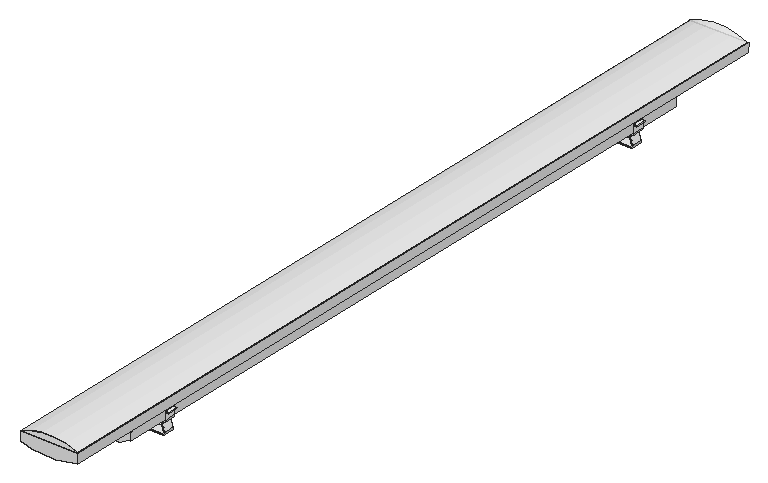
Revit family "Lighting-Industrial-GEWISS-SMART[3]PLUS-HLO-WATERTIGHT-LED_OPAL_1600mm", category Apparecchi per illuminazione, host Superficie, Revit 2019
Family settings
  Host = Superficie
  Quota connettore circolare = Usa diametro
  Tipo di parte = Normale
  Numero OmniClass = 23.80.70.11
  Titolo OmniClass = Luminaries for Internal Lighting
  Taglio con vuoti quando caricato = No
  Sorgente d'illuminazione = Sì
  Condiviso = No
  Punto di calcolo locali = No
Parameters (values of type "GWS3323BP957 - SMART3 PLUS 1600 T.W.DALI HO OPAL 9 57")
  Working temperature = "-25 +45 °C"
  Weight (kg): = ""
  Wattage = 27 W
  Warranty = "5 years"
  Voltage = "220-240 V "
  Version file RFA = "20.0"
  Variazione temperatura colore lampada con luminosità attenuata = (empty or 0)
  URL = "https://www.gewiss.com/ww/en"
  Typology = "DALI"
  Type of light source = "LED - Not replaceable"
  built-in parameter 1150107 = 5700 (stored number, unit not read)
  Technical sheet = "https://www.gewiss.com/ww/en/search?q=GWS3323BP957"
  System power = "63 W"
  Struttura = GEWISS - SMART 3 - GRIGIO
  Stampa 1_200 = no
  Stampa 1_100 = not(Stampa 1_200)  # yes
  Spostamento_Y_etichetta [instance] = 0 mm
  Spostamento_Y_effettivo_etichetta [instance] = 1500 mm - Spostamento_Y_etichetta  # 1500 mm
  Spostamento_X_etichetta [instance] = 0 mm
  Spostamento_X_effettivo_etichetta [instance] = 1500 mm - Spostamento_X_etichetta  # 1500 mm
  Shock resistance = "IK08"
  Shield type = "Opal"
  Schermo. = Gewiss - Led Acceso
  SEO = "Ceiling"
  Realized by GEWISS S.p.A. = ""
  Default Elevation = 1219.2 mm
  Produttore = "GEWISS S.p.A."
  built-in parameter 1150110 = 1 (stored number, unit not read)
  built-in parameter 1150109 = 1 (stored number, unit not read)
  built-in parameter 1114218 = 1 (stored number, unit not read)
  built-in parameter 1150112 = 1 (stored number, unit not read)
  Operating temperature: = "-25 +45 °C"
  Nominal flux (lm) = ""
  No. LED (#) = ""
  Modello = "GWS3323BP957"
  built-in parameter 1150137 = (empty or 0)
  built-in parameter 1150132 = (empty or 0)
  Lunghezza Lampada = 1600 mm  # constant formula
  Lumen output (lm) = "6600"
  Length = "1600 mm"
  Lampada = "LED"
  Lamp = "LED"
  LED LifeTime (L80B20) = ""
  LED Life time (L80B50) = ""
  LED Life time (L70) = ""
  LED Life Time (L90B50) = ""
  built-in parameter 1150105 = 1406.7 (stored number, unit not read)
  built-in parameter 1150102 = (empty or 0)
  Insulation class = "II"
  Immagine tipo = GWS3158P.jpg
  built-in parameter 1150106 = 14.067 (stored number, unit not read)
  IP degree = "IP66/IP69"
  IFC.TypeObject = ""
  IFC.ExportType = ""
  IFC.ExportAs = ""
  IDT = "8a2f87bf-570c-4127-a720-814a1062d841"
  IDF = "40102a22-dbc0-4ce0-8b39-c5fc3671ccf2"
  Glow Wire Test = "850°C"
  Ganci = GEWISS  - ALLUMINIO
  Lumens = 4010.63 lm
  Color Filter = 16777215
  File diagramma fotometrico = "GWS3323BP957.IES"
  built-in parameter 1114217 = 1 (stored number, unit not read)
  built-in parameter 1150139 = (empty or 0)
  Failure rate apparecchio (50.000h, Tq=25Â° C) = ""
  Failure rate apparecchio (35.000h, Tq=35Â° C) = ""
  Emetti da lunghezza linea = 700 mm
  Electrocod = "2434"
  Efficiency class of integrated LEDs = "A ÷ A++"
  built-in parameter 1150104 = 13.8 (stored number, unit not read)
  EAN code = ""
  Driver type = ""
  built-in parameter 1150115 = 1 (stored number, unit not read)
  built-in parameter 1150114 = 1 (stored number, unit not read)
  built-in parameter 1150113 = 1 (stored number, unit not read)
  Device with reduced surface temperature = ""
  Descrizione = "SMART3 PLUS 1600 T.W.DALI HO OPAL 9 57"
  Commenti sul wattaggio = "55W"
  Colour temperature: = "5700 K (CRI > 90)"
  Colour temperature = "5700 K (CRI > 90)"
  built-in parameter 1150134 = (empty or 0)
  built-in parameter 1150138 = (empty or 0)
  Catalogue Range = "SMART[3] PLUS HLO"
  Catalogue = "LIGHTING"
  Carico apparente = 55 VA
  COBie.Tagnumber = ""
  COBie.CreatedOn = ""
  COBie.CreatebBy = ""
  COBie.ComponentRegisterItemID = ""
  COBie.Component.TagNumber = ""
  COBie.Component.Space = ""
  COBie.Component.SerialNumber = ""
  COBie.Component.InstallationDate = ""
  COBie.Component.Description = ""
  COBie.Component.BarCode = ""
  Application = "Indoor"
  Tilt Angle = -90.00°
  built-in parameter 1150133 = 10 (stored number, unit not read)
Types (25, lengths in mm): name | Working temperature | Typology | Technical sheet | System power | Operating temperature: | Modello | Lumen output (lm) | IDT | File diagramma fotometrico | Emetti da lunghezza linea | Descrizione | Commenti sul wattaggio | Colour temperature: | Colour temperature | Carico apparente
  (no name) | "-25 +45 °C" | "DALI" | "https://www.gewiss.com/ww/en/search?q=GWS3323BP957" | "63 W" | "-25 +45 °C" | "GWS3323BP957" | "6600" | "8a2f87bf-570c-4127-a720-814a1062d841" | "GWS3323BP957.IES" | 700 | "SMART3 PLUS 1600 T.W.DALI HO OPAL 9 57" | "55W" | "5700 K (CRI > 90)" | "5700 K (CRI > 90)" | 55 VA
  GWS3320BP830 - SMART3 PLUS 1600 ON/OFF HO OPAL 8 30 | "-25 +50 °C" | "" | "https://www.gewiss.com/ww/en/search?q=GWS3320BP830" | "61 W" | "-25 +50 °C" | "GWS3320BP830" | "7900" | "87c30cde-edad-453a-8c06-f978743efbaa" | "GWS3320BP830.IES" | 1200 | "SMART3 PLUS 1600 ON/OFF HO OPAL 8 30" | "26W" | "3000 K (CRI > 80)" | "3000 K (CRI > 80)" | 26 VA
  GWS3320BP840 - SMART3 PLUS 1600 ON/OFF HO OPAL 8 40 | "-25 +50 °C" | "" | "https://www.gewiss.com/ww/en/search?q=GWS3320BP840" | "61 W" | "-25 +50 °C" | "GWS3320BP840" | "8300" | "d83206ba-3e96-4f99-95ec-140d6f7fbd21" | "GWS3320BP840.IES" | 1200 | "SMART3 PLUS 1600 ON/OFF HO OPAL 8 40" | "26W" | "4000 K (CRI > 80)" | "4000 K (CRI > 80)" | 26 VA
  GWS3320BP857 - SMART3 PLUS 1600 ON/OFF HO OPAL 8 57 | "-25 +50 °C" | "" | "https://www.gewiss.com/ww/en/search?q=GWS3320BP857" | "61 W" | "-25 +50 °C" | "GWS3320BP857" | "8300" | "95fd505b-5e1f-44dc-b99b-838e02d96f20" | "GWS3320BP857.IES" | 1200 | "SMART3 PLUS 1600 ON/OFF HO OPAL 8 57" | "26W" | "5700 K (CRI > 80)" | "5700 K (CRI > 80)" | 26 VA
  GWS3322BP830 - SMART3 PLUS 1600 T.W.ON/OFF HO OPAL 8 30 | "-25 +50 °C" | "" | "https://www.gewiss.com/ww/en/search?q=GWS3322BP830" | "61 W" | "-25 +50 °C" | "GWS3322BP830" | "7900" | "a9284d8b-341d-46fd-8861-b0e6e9694efb" | "GWS3322BP830.IES" | 1200 | "SMART3 PLUS 1600 T.W.ON/OFF HO OPAL 8 30" | "53W" | "3000 K (CRI > 80)" | "3000 K (CRI > 80)" | 53 VA
  GWS3322BP840 - SMART3 PLUS 1600 T.W.ON/OFF HO OPAL 8 40 | "-25 +50 °C" | "" | "https://www.gewiss.com/ww/en/search?q=GWS3322BP840" | "61 W" | "-25 +50 °C" | "GWS3322BP840" | "8300" | "b2f10b16-458c-41bb-84a2-c2e1839eb847" | "GWS3322BP840.IES" | 700 | "SMART3 PLUS 1600 T.W.ON/OFF HO OPAL 8 40" | "53W" | "4000 K (CRI > 80)" | "4000 K (CRI > 80)" | 53 VA
  GWS3322BP857 - SMART3 PLUS 1600 T.W.ON/OFF HO OPAL 8 57 | "-25 +50 °C" | "" | "https://www.gewiss.com/ww/en/search?q=GWS3322BP857" | "61 W" | "-25 +50 °C" | "GWS3322BP857" | "8300" | "82784fbf-9c2a-4fe5-bbf6-6f8c60a6c1b4" | "GWS3322BP857.IES" | 700 | "SMART3 PLUS 1600 T.W.ON/OFF HO OPAL 8 57" | "53W" | "5700 K (CRI > 80)" | "5700 K (CRI > 80)" | 53 VA
  GWS3320BP930 - SMART3 PLUS 1600 ON/OFF HO OPAL 9 30 | "-25 +50 °C" | "" | "https://www.gewiss.com/ww/en/search?q=GWS3320BP930" | "61 W" | "-25 +50 °C" | "GWS3320BP930" | "6100" | "abe36ae0-fb21-4bbf-9179-678530f4ee9f" | "GWS3320BP930.IES" | 1200 | "SMART3 PLUS 1600 ON/OFF HO OPAL 9 30" | "27W" | "3000 K (CRI > 90)" | "3000 K (CRI > 90)" | 27 VA
  GWS3320BP940 - SMART3 PLUS 1600 ON/OFF HO OPAL 9 40 | "-25 +50 °C" | "" | "https://www.gewiss.com/ww/en/search?q=GWS3320BP940" | "61 W" | "-25 +50 °C" | "GWS3320BP940" | "6600" | "c1ac5adb-d878-41eb-8d2c-c01aaf2c85ed" | "GWS3320BP940.IES" | 1200 | "SMART3 PLUS 1600 ON/OFF HO OPAL 9 40" | "27W" | "4000 K (CRI > 90)" | "4000 K (CRI > 90)" | 27 VA
  GWS3320BP957 - SMART3 PLUS 1600 ON/OFF HO OPAL 9 57 | "-25 +50 °C" | "" | "https://www.gewiss.com/ww/en/search?q=GWS3320BP957" | "61 W" | "-25 +50 °C" | "GWS3320BP957" | "6600" | "7730f919-17f5-41bd-9f2b-6956c50abdcf" | "GWS3320BP957.IES" | 1200 | "SMART3 PLUS 1600 ON/OFF HO OPAL 9 57" | "27W" | "5700 K (CRI > 90)" | "5700 K (CRI > 90)" | 27 VA
  GWS3322BP930 - SMART3 PLUS 1600 T.W.ON/OFF HO OPAL 9 30 | "-25 +50 °C" | "" | "https://www.gewiss.com/ww/en/search?q=GWS3322BP930" | "61 W" | "-25 +50 °C" | "GWS3322BP930" | "6100" | "e1fee4f5-68c4-4c65-8a7e-80283154476d" | "GWS3322BP930.IES" | 700 | "SMART3 PLUS 1600 T.W.ON/OFF HO OPAL 9 30" | "55W" | "3000 K (CRI > 90)" | "3000 K (CRI > 90)" | 55 VA
  GWS3322BP940 - SMART3 PLUS 1600 T.W.ON/OFF HO OPAL 9 40 | "-25 +50 °C" | "" | "https://www.gewiss.com/ww/en/search?q=GWS3322BP940" | "61 W" | "-25 +50 °C" | "GWS3322BP940" | "6600" | "b5161a7b-cd0b-4ad1-981a-d991c264674a" | "GWS3322BP940.IES" | 700 | "SMART3 PLUS 1600 T.W.ON/OFF HO OPAL 9 40" | "55W" | "4000 K (CRI > 90)" | "4000 K (CRI > 90)" | 55 VA
  GWS3322BP957 - SMART3 PLUS 1600 T.W.ON/OFF HO OPAL 9 57 | "-25 +50 °C" | "" | "https://www.gewiss.com/ww/en/search?q=GWS3322BP957" | "61 W" | "-25 +50 °C" | "GWS3322BP957" | "6600" | "18458a08-39a0-4488-98b8-f88d3d8e5e3a" | "GWS3322BP957.IES" | 700 | "SMART3 PLUS 1600 T.W.ON/OFF HO OPAL 9 57" | "55W" | "5700 K (CRI > 90)" | "5700 K (CRI > 90)" | 55 VA
  GWS3321BP830 - SMART3 PLUS 1600 DALI HO OPAL 8 30 | "-25 +45 °C" | "DALI" | "https://www.gewiss.com/ww/en/search?q=GWS3321BP830" | "63 W" | "-25 +45 °C" | "GWS3321BP830" | "7900" | "4762404a-ceee-44cb-9336-bdc1032d9273" | "GWS3321BP830.IES" | 1200 | "SMART3 PLUS 1600 DALI HO OPAL 8 30" | "26W" | "3000 K (CRI > 80)" | "3000 K (CRI > 80)" | 26 VA
  GWS3321BP840 - SMART3 PLUS 1600 DALI HO OPAL 8 40 | "-25 +45 °C" | "DALI" | "https://www.gewiss.com/ww/en/search?q=GWS3321BP840" | "63 W" | "-25 +45 °C" | "GWS3321BP840" | "8300" | "1e73b6a6-fbad-4ac0-8d4d-63eed1988ec6" | "GWS3321BP840.IES" | 1200 | "SMART3 PLUS 1600 DALI HO OPAL 8 40" | "26W" | "4000 K (CRI > 80)" | "4000 K (CRI > 80)" | 26 VA
  GWS3321BP857 - SMART3 PLUS 1600 DALI HO OPAL 8 57 | "-25 +45 °C" | "DALI" | "https://www.gewiss.com/ww/en/search?q=GWS3321BP857" | "63 W" | "-25 +45 °C" | "GWS3321BP857" | "8300" | "5e51d208-ac60-4c09-9fa4-41db0a39a122" | "GWS3321BP857.IES" | 1200 | "SMART3 PLUS 1600 DALI HO OPAL 8 57" | "26W" | "5700 K (CRI > 80)" | "5700 K (CRI > 80)" | 26 VA
  GWS3321BP930 - SMART3 PLUS 1600 DALI HO OPAL 9 30 | "-25 +45 °C" | "DALI" | "https://www.gewiss.com/ww/en/search?q=GWS3321BP930" | "63 W" | "-25 +45 °C" | "GWS3321BP930" | "6100" | "84f3807c-6235-4bf4-a8ee-ba938a9bb996" | "GWS3321BP930.IES" | 1200 | "SMART3 PLUS 1600 DALI HO OPAL 9 30" | "27W" | "3000 K (CRI > 90)" | "3000 K (CRI > 90)" | 27 VA
  GWS3321BP940 - SMART3 PLUS 1600 DALI HO OPAL 9 40 | "-25 +45 °C" | "DALI" | "https://www.gewiss.com/ww/en/search?q=GWS3321BP940" | "63 W" | "-25 +45 °C" | "GWS3321BP940" | "6600" | "56cb22e9-a9c5-4bea-a621-87f88641cdeb" | "GWS3321BP940.IES" | 1200 | "SMART3 PLUS 1600 DALI HO OPAL 9 40" | "27W" | "4000 K (CRI > 90)" | "4000 K (CRI > 90)" | 27 VA
  GWS3321BP957 - SMART3 PLUS 1600 DALI HO OPAL 9 57 | "-25 +45 °C" | "DALI" | "https://www.gewiss.com/ww/en/search?q=GWS3321BP957" | "63 W" | "-25 +45 °C" | "GWS3321BP957" | "6600" | "edd4548a-5cdc-4395-8af1-f6a5a06603d4" | "GWS3321BP957.IES" | 700 | "SMART3 PLUS 1600 DALI HO OPAL 9 57" | "27W" | "5700 K (CRI > 90)" | "5700 K (CRI > 90)" | 27 VA
  GWS3323BP830 - SMART3 PLUS 1600 T.W.DALI HO OPAL 8 30 | "-25 +45 °C" | "DALI" | "https://www.gewiss.com/ww/en/search?q=GWS3323BP830" | "63 W" | "-25 +45 °C" | "GWS3323BP830" | "7900" | "384fc179-10b4-498e-8d66-a2a1550b6e71" | "GWS3323BP830.IES" | 700 | "SMART3 PLUS 1600 T.W.DALI HO OPAL 8 30" | "53W" | "3000 K (CRI > 80)" | "3000 K (CRI > 80)" | 53 VA
  GWS3323BP840 - SMART3 PLUS 1600 T.W.DALI HO OPAL 8 40 | "-25 +45 °C" | "DALI" | "https://www.gewiss.com/ww/en/search?q=GWS3323BP840" | "63 W" | "-25 +45 °C" | "GWS3323BP840" | "8300" | "0cd5fa95-f92d-464a-8a2b-dd473b96c398" | "GWS3323BP840.IES" | 700 | "SMART3 PLUS 1600 T.W.DALI HO OPAL 8 40" | "53W" | "4000 K (CRI > 80)" | "4000 K (CRI > 80)" | 53 VA
  GWS3323BP857 - SMART3 PLUS 1600 T.W.DALI HO OPAL 8 57 | "-25 +45 °C" | "DALI" | "https://www.gewiss.com/ww/en/search?q=GWS3323BP857" | "63 W" | "-25 +45 °C" | "GWS3323BP857" | "8300" | "f4c22989-0337-4135-972b-e96cd29a414a" | "GWS3323BP857.IES" | 700 | "SMART3 PLUS 1600 T.W.DALI HO OPAL 8 57" | "53W" | "5700 K (CRI > 80)" | "5700 K (CRI > 80)" | 53 VA
  GWS3323BP930 - SMART3 PLUS 1600 T.W.DALI HO OPAL 9 30 | "-25 +45 °C" | "DALI" | "https://www.gewiss.com/ww/en/search?q=GWS3323BP930" | "63 W" | "-25 +45 °C" | "GWS3323BP930" | "6100" | "b3f390f9-232f-4c3c-a66c-a3925f9a305e" | "GWS3323BP930.IES" | 700 | "SMART3 PLUS 1600 T.W.DALI HO OPAL 9 30" | "55W" | "3000 K (CRI > 90)" | "3000 K (CRI > 90)" | 55 VA
  GWS3323BP940 - SMART3 PLUS 1600 T.W.DALI HO OPAL 9 40 | "-25 +45 °C" | "DALI" | "https://www.gewiss.com/ww/en/search?q=GWS3323BP940" | "63 W" | "-25 +45 °C" | "GWS3323BP940" | "6600" | "1d455388-5442-43f3-a70e-a8a9cce4673f" | "GWS3323BP940.IES" | 700 | "SMART3 PLUS 1600 T.W.DALI HO OPAL 9 40" | "55W" | "4000 K (CRI > 90)" | "4000 K (CRI > 90)" | 55 VA
  GWS3323BP957 - SMART3 PLUS 1600 T.W.DALI HO OPAL 9 57 | "-25 +45 °C" | "DALI" | "https://www.gewiss.com/ww/en/search?q=GWS3323BP957" | "63 W" | "-25 +45 °C" | "GWS3323BP957" | "6600" | "8a2f87bf-570c-4127-a720-814a1062d841" | "GWS3323BP957.IES" | 700 | "SMART3 PLUS 1600 T.W.DALI HO OPAL 9 57" | "55W" | "5700 K (CRI > 90)" | "5700 K (CRI > 90)" | 55 VA
Values of the unnamed type that differ from the named types
  Variazione temperatura colore lampada con luminosità attenuata = <Nessuno>
Reference planes
  plane 1 "Centro (Fronte/Retro)": y = 0
  plane 2: z = 0
  plane 3 "Centro (Sinistra/Destra)": x = 0
  plane 4: x = -1500
  plane 5: y = -1500
  plane 6: x = 0
  plane 7: y = 0
Forms (mm)
  Extrusion 1, solid, material "GEWISS  - ALLUMINIO" <- "Ganci", detail levels medium+fine
    sketch origin (0, 0, 0) x (1, 0, 0) y (0, 0, 1)
      loop
        arc (31.431, -0.002) -> (34.576, 1.589) -> (35.156, 5.066) r 3.903
        line (35.156, 5.066) -> (29.612, 23.211)
        arc (29.612, 23.211) -> (29.883, 24.381) -> (31.032, 24.73) r 1.2
        line (31.032, 24.73) -> (34.307, 23.974)
        arc (34.307, 23.974) -> (36.765, 24.53) -> (37.859, 26.8) r 2.9
        line (37.859, 26.8) -> (37.859, 38.8)
        arc (37.859, 38.8) -> (37.648, 39.694) -> (37.059, 40.4) r 2
        line (37.059, 40.4) -> (37.059, 42.71) -> (42.861, 40.598) -> (43.203, 41.538) -> (37.53, 43.603)
        arc (37.53, 43.603) -> (37.019, 43.613) -> (36.605, 43.311) r 0.8
        line (36.605, 43.311) -> (36.306, 26.139)
        arc (36.306, 26.139) -> (35.6, 25.444) -> (34.616, 25.34) r 1.5
        line (34.616, 25.34) -> (31.344, 26.095)
        arc (31.344, 26.095) -> (28.858, 25.335) -> (28.273, 22.802) r 2.6
        line (28.273, 22.802) -> (33.827, 4.636)
        arc (33.827, 4.636) -> (33.449, 2.415) -> (31.438, 1.4) r 2.5
        line (31.438, 1.4) -> (-31.437, 1.4)
        arc (-31.437, 1.4) -> (-33.449, 2.415) -> (-33.827, 4.636) r 2.5
        line (-33.827, 4.636) -> (-28.273, 22.802)
        arc (-28.273, 22.802) -> (-28.858, 25.335) -> (-31.344, 26.095) r 2.6
        line (-31.344, 26.095) -> (-34.616, 25.34)
        arc (-34.616, 25.34) -> (-35.6, 25.444) -> (-36.306, 26.139) r 1.5
        line (-36.306, 26.139) -> (-36.605, 43.311)
        arc (-36.605, 43.311) -> (-37.019, 43.613) -> (-37.53, 43.603) r 0.8
        line (-37.53, 43.603) -> (-43.203, 41.538) -> (-42.861, 40.598) -> (-37.059, 42.71) -> (-37.059, 40.4)
        arc (-37.059, 40.4) -> (-37.648, 39.694) -> (-37.859, 38.8) r 2
        line (-37.859, 38.8) -> (-37.859, 26.8)
        arc (-37.859, 26.8) -> (-36.765, 24.53) -> (-34.307, 23.974) r 2.9
        line (-34.307, 23.974) -> (-31.032, 24.73)
        arc (-31.032, 24.73) -> (-29.883, 24.381) -> (-29.612, 23.211) r 1.2
        line (-29.612, 23.211) -> (-35.156, 5.066)
        arc (-35.156, 5.066) -> (-34.576, 1.589) -> (-31.431, -0.002) r 3.903
        line (-31.431, -0.002) -> (31.431, -0.002)
    from 548.766 to 568.766
  Extrusion 2, solid, material "GEWISS  - ALLUMINIO" <- "Ganci", detail levels medium+fine
    sketch origin (0, 0, 0) x (1, 0, 0) y (0, 0, -1)
      loop
        line (31.431, 0.002) -> (-31.431, 0.002)
        arc (-31.431, 0.002) -> (-34.576, -1.589) -> (-35.156, -5.066) r 3.903
        line (-35.156, -5.066) -> (-29.612, -23.211)
        arc (-29.612, -23.211) -> (-29.883, -24.381) -> (-31.032, -24.73) r 1.2
        line (-31.032, -24.73) -> (-34.307, -23.974)
        arc (-34.307, -23.974) -> (-36.765, -24.53) -> (-37.859, -26.8) r 2.9
        line (-37.859, -26.8) -> (-37.859, -38.8)
        arc (-37.859, -38.8) -> (-37.648, -39.694) -> (-37.059, -40.4) r 2
        line (-37.059, -40.4) -> (-37.059, -42.71) -> (-42.861, -40.598) -> (-43.203, -41.538) -> (-37.53, -43.603)
        arc (-37.53, -43.603) -> (-37.019, -43.613) -> (-36.605, -43.311) r 0.8
        line (-36.605, -43.311) -> (-36.306, -26.139)
        arc (-36.306, -26.139) -> (-35.6, -25.444) -> (-34.616, -25.34) r 1.5
        line (-34.616, -25.34) -> (-31.344, -26.095)
        arc (-31.344, -26.095) -> (-28.858, -25.335) -> (-28.273, -22.802) r 2.6
        line (-28.273, -22.802) -> (-33.827, -4.636)
        arc (-33.827, -4.636) -> (-33.449, -2.415) -> (-31.437, -1.4) r 2.5
        line (-31.437, -1.4) -> (31.438, -1.4)
        arc (31.438, -1.4) -> (33.449, -2.415) -> (33.827, -4.636) r 2.5
        line (33.827, -4.636) -> (28.273, -22.802)
        arc (28.273, -22.802) -> (28.858, -25.335) -> (31.344, -26.095) r 2.6
        line (31.344, -26.095) -> (34.616, -25.34)
        arc (34.616, -25.34) -> (35.6, -25.444) -> (36.306, -26.139) r 1.5
        line (36.306, -26.139) -> (36.605, -43.311)
        arc (36.605, -43.311) -> (37.019, -43.613) -> (37.53, -43.603) r 0.8
        line (37.53, -43.603) -> (43.203, -41.538) -> (42.861, -40.598) -> (37.059, -42.71) -> (37.059, -40.4)
        arc (37.059, -40.4) -> (37.648, -39.694) -> (37.859, -38.8) r 2
        line (37.859, -38.8) -> (37.859, -26.8)
        arc (37.859, -26.8) -> (36.765, -24.53) -> (34.307, -23.974) r 2.9
        line (34.307, -23.974) -> (31.032, -24.73)
        arc (31.032, -24.73) -> (29.883, -24.381) -> (29.612, -23.211) r 1.2
        line (29.612, -23.211) -> (35.156, -5.066)
        arc (35.156, -5.066) -> (34.576, -1.589) -> (31.431, 0.002) r 3.903
    from 548.766 to 568.766
  Extrusion 3, solid, material "GEWISS - SMART 3 - GRIGIO" <- "Struttura", detail levels medium+fine
    sketch origin (0, 0, 0) x (1, 0, 0) y (0, 0, 1)
      loop
        line (-36.331, 55.757) -> (-35.847, 28.018)
        arc (-35.847, 28.018) -> (-33.139, 27.27) -> (-30.416, 26.58) r 129.5
        arc (-30.416, 26.58) -> (-28.066, 25.76) -> (-25.915, 24.506) r 13
        arc (-25.915, 24.506) -> (-24.23, 23.324) -> (-22.521, 22.178) r 99.5
        arc (-22.521, 22.178) -> (-16.401, 19.063) -> (-9.748, 17.365) r 31.146
        line (-9.748, 17.365) -> (12.491, 17.365)
        arc (12.491, 17.365) -> (17.822, 19.098) -> (22.764, 21.745) r 31.646
        arc (22.764, 21.745) -> (24.509, 22.915) -> (26.228, 24.122) r 100
        arc (26.228, 24.122) -> (28.283, 25.313) -> (30.525, 26.095) r 12.5
        arc (30.525, 26.095) -> (33.437, 26.834) -> (36.332, 27.64) r 130
        line (36.332, 27.64) -> (36.824, 55.851)
        arc (36.824, 55.851) -> (24.914, 53.937) -> (12.909, 52.764) r 195.047
        line (12.909, 52.764) -> (-12.909, 52.764)
        arc (-12.909, 52.764) -> (-24.665, 53.905) -> (-36.331, 55.757) r 195.047
    from -650 to 650
  Extrusion 4, solid, material "GEWISS - SMART 3 - GRIGIO" <- "Struttura", detail levels medium+fine
    sketch origin (0, 0, 0) x (1, 0, 0) y (0, 0, 1)
      loop
        line (54.725, 60.184) -> (55.177, 77.445) -> (-55.177, 77.445) -> (-54.725, 60.184)
        arc (-54.725, 60.184) -> (-34.019, 55.332) -> (-12.909, 52.764) r 195.047
        line (-12.909, 52.764) -> (12.909, 52.764)
        arc (12.909, 52.764) -> (34.019, 55.332) -> (54.725, 60.184) r 195.047
    from -800 to 800
  Extrusion 5, solid, material "Gewiss - Led Acceso" <- "Schermo.", detail levels medium+fine
    sketch origin (0, 0, 0) x (1, 0, 0) y (0, 0, 1)
      loop
        arc (54.697, 78.441) -> (-0.014, 90.457) -> (-54.723, 78.429) r 130.5
        arc (-54.723, 78.429) -> (-54.988, 77.838) -> (-54.5, 77.445) r 0.5
        line (-54.5, 77.445) -> (54.479, 77.445)
        arc (54.479, 77.445) -> (54.988, 77.855) -> (54.697, 78.441) r 0.522
    from -800 to 800
  Extrusion 6, solid, material "GEWISS - SMART 3 - GRIGIO" <- "Struttura", detail levels coarse
    sketch origin (0, 0, 0) x (1, 0, 0) y (0, 0, 1)
      loop
        line (-54.5, 90.439) -> (-54.5, 0) -> (54.5, 0) -> (54.5, 90.439) -> (-54.5, 90.439)
    from -800 to 800
Lines and regions (mm)
  Masking region 1
    outline origin (0, 0, 0) x (1, 0, 0) y (0, 1, 0)
      loop
        line (-55.177, 800) -> (-55.177, -800) -> (55.177, -800) -> (55.177, 800) -> (-55.177, 800)
  symbolic lines, style "GEWISS - LIGHT 2D"
    curve 1: line (0, 528.766, 0) -> (0, -511.234, 0)
Dimensions and locks
  plane 4 to plane 3 "Centro (Sinistra/Destra)" = 1500 mm
  "Spostamento_X_effettivo_etichetta": plane 4 to plane 6
  "Spostamento_Y_effettivo_etichetta": plane 7 to plane 5
  plane 1 "Centro (Fronte/Retro)" to plane 5 = 1500 mm
  aligned and locked: plane 2 to host face
  aligned and locked: level to host face
  aligned and locked: Masking region 1 sketch curve to Extrusion 4  (x4)
  aligned and locked: plane 6 to nested 1
  aligned and locked: nested 1 to plane 7
  aligned and locked: curve 1 to plane 3 "Centro (Sinistra/Destra)"
Automatic sketch dimensions
  host sketch curve to host sketch curve = 2438.4 mm  (x2)
  Extrusion 1 sketch curve to Extrusion 1 sketch curve = 0 mm  (x28)
  Extrusion 1 sketch curve to plane 3 "Centro (Sinistra/Destra)" = 43.203 mm
  level to Extrusion 1 sketch curve = 40.598 mm
  Extrusion 1 sketch curve to Extrusion 1 sketch curve = 0.342 mm  (x2)
  Extrusion 1 sketch curve to Extrusion 1 sketch curve = 5.002 mm  (x2)
  Extrusion 1 sketch curve to Extrusion 1 sketch curve = 0.329 mm
  Extrusion 1 sketch curve to Extrusion 1 sketch curve = 0.271 mm  (x2)
  Extrusion 1 sketch curve to Extrusion 1 sketch curve = 0.8 mm  (x2)
  Extrusion 1 sketch curve to Extrusion 1 sketch curve = 0.454 mm  (x2)
  Extrusion 1 sketch curve to Extrusion 1 sketch curve = 1.554 mm
  Extrusion 1 sketch curve to Extrusion 1 sketch curve = 2 mm
  level to Extrusion 1 sketch curve = 5.066 mm  (x2)
  Extrusion 1 sketch curve to Extrusion 1 sketch curve = 1.15 mm
  Extrusion 1 sketch curve to Extrusion 1 sketch curve = 1.346 mm  (x2)
  Extrusion 1 sketch curve to Extrusion 1 sketch curve = 0.343 mm  (x2)
  level to Extrusion 1 sketch curve = 4.636 mm  (x2)
  Extrusion 1 sketch curve to Extrusion 1 sketch curve = 1.329 mm  (x2)
  level to Extrusion 1 sketch curve = 1.4 mm
  Extrusion 1 sketch curve to Extrusion 1 sketch curve = 2.389 mm  (x2)
  Extrusion 1 sketch curve to Extrusion 1 sketch curve = 0.007 mm  (x2)
  Extrusion 1 sketch curve to Extrusion 1 sketch curve = 3.584 mm  (x2)
  Extrusion 1 sketch curve to Extrusion 1 sketch curve = 0.273 mm  (x2)
  plane 3 "Centro (Sinistra/Destra)" to Extrusion 1 sketch curve = 30.759 mm
  Extrusion 1 sketch curve to level = 0.002 mm
  Extrusion 1 sketch curve to Extrusion 1 sketch curve = 0.672 mm
  Extrusion 1 sketch curve to Extrusion 1 sketch curve = 0.9 mm
  level to Extrusion 1 sketch curve = 26.139 mm
  Extrusion 1 sketch curve to Extrusion 1 sketch curve = 0.746 mm
  Extrusion 1 sketch curve to Extrusion 1 sketch curve = 0.2 mm
  Extrusion 1 sketch curve to Extrusion 1 sketch curve = 2.577 mm
  Extrusion 1 sketch curve to Extrusion 1 sketch curve = 18.496 mm
  Extrusion 1 sketch curve to Extrusion 1 sketch curve = 1.169 mm  (x2)
  Extrusion 1 sketch curve to Extrusion 1 sketch curve = 0.799 mm  (x2)
  Extrusion 1 sketch curve to Extrusion 1 sketch curve = 0.609 mm
  Extrusion 1 sketch curve to Extrusion 1 sketch curve = 1.798 mm  (x2)
  Extrusion 1 sketch curve to Extrusion 1 sketch curve = 12 mm
  Extrusion 1 sketch curve to Extrusion 1 sketch curve = 0.94 mm  (x2)
  Extrusion 1 sketch curve to Extrusion 1 sketch curve = 0.14 mm  (x2)
  Extrusion 1 sketch curve to Extrusion 1 sketch curve = 0.309 mm  (x2)
  Extrusion 1 sketch curve to Extrusion 1 sketch curve = 0.312 mm  (x2)
  Extrusion 1 sketch curve to Extrusion 1 sketch curve = 1.148 mm  (x2)
  Extrusion 1 sketch curve to Extrusion 1 sketch curve = 1.339 mm
  Extrusion 1 sketch curve to Extrusion 1 sketch curve = 2.486 mm
  Extrusion 1 sketch curve to Extrusion 1 sketch curve = 0.409 mm  (x2)
  Extrusion 2 sketch curve to Extrusion 2 sketch curve = 0 mm  (x28)
  Extrusion 2 sketch curve to plane 3 "Centro (Sinistra/Destra)" = 43.203 mm
  level to Extrusion 2 sketch curve = 40.598 mm
  Extrusion 2 sketch curve to Extrusion 2 sketch curve = 0.342 mm  (x2)
  Extrusion 2 sketch curve to Extrusion 2 sketch curve = 5.002 mm  (x2)
  Extrusion 2 sketch curve to Extrusion 2 sketch curve = 0.329 mm
  Extrusion 2 sketch curve to Extrusion 2 sketch curve = 0.271 mm  (x2)
  Extrusion 2 sketch curve to Extrusion 2 sketch curve = 0.8 mm  (x2)
  Extrusion 2 sketch curve to Extrusion 2 sketch curve = 0.454 mm  (x2)
  Extrusion 2 sketch curve to Extrusion 2 sketch curve = 1.554 mm
  Extrusion 2 sketch curve to Extrusion 2 sketch curve = 2 mm
  level to Extrusion 2 sketch curve = 5.066 mm  (x2)
  Extrusion 2 sketch curve to Extrusion 2 sketch curve = 1.15 mm
  Extrusion 2 sketch curve to Extrusion 2 sketch curve = 1.346 mm  (x2)
  Extrusion 2 sketch curve to Extrusion 2 sketch curve = 0.343 mm  (x2)
  level to Extrusion 2 sketch curve = 4.636 mm  (x2)
  Extrusion 2 sketch curve to Extrusion 2 sketch curve = 1.329 mm  (x2)
  level to Extrusion 2 sketch curve = 1.4 mm
  Extrusion 2 sketch curve to Extrusion 2 sketch curve = 2.389 mm  (x2)
  Extrusion 2 sketch curve to Extrusion 2 sketch curve = 0.007 mm  (x2)
  Extrusion 2 sketch curve to Extrusion 2 sketch curve = 3.584 mm  (x2)
  Extrusion 2 sketch curve to Extrusion 2 sketch curve = 0.273 mm  (x2)
  plane 3 "Centro (Sinistra/Destra)" to Extrusion 2 sketch curve = 30.759 mm
  Extrusion 2 sketch curve to level = 0.002 mm
  Extrusion 2 sketch curve to Extrusion 2 sketch curve = 0.672 mm
  Extrusion 2 sketch curve to Extrusion 2 sketch curve = 0.9 mm
  level to Extrusion 2 sketch curve = 26.139 mm
  Extrusion 2 sketch curve to Extrusion 2 sketch curve = 0.746 mm
  Extrusion 2 sketch curve to Extrusion 2 sketch curve = 0.2 mm
  Extrusion 2 sketch curve to Extrusion 2 sketch curve = 14.46 mm
  Extrusion 2 sketch curve to Extrusion 2 sketch curve = 0.94 mm  (x2)
  Extrusion 2 sketch curve to Extrusion 2 sketch curve = 0.14 mm  (x2)
  Extrusion 2 sketch curve to Extrusion 2 sketch curve = 2.31 mm  (x2)
  Extrusion 2 sketch curve to Extrusion 2 sketch curve = 12 mm
  Extrusion 2 sketch curve to Extrusion 2 sketch curve = 0.661 mm  (x2)
  Extrusion 2 sketch curve to Extrusion 2 sketch curve = 0.609 mm  (x2)
  Extrusion 2 sketch curve to Extrusion 2 sketch curve = 1.169 mm  (x2)
  Extrusion 2 sketch curve to Extrusion 2 sketch curve = 0.309 mm  (x2)
  Extrusion 2 sketch curve to Extrusion 2 sketch curve = 0.312 mm  (x2)
  Extrusion 2 sketch curve to Extrusion 2 sketch curve = 1.148 mm  (x2)
  Extrusion 2 sketch curve to Extrusion 2 sketch curve = 1.339 mm
  Extrusion 2 sketch curve to Extrusion 2 sketch curve = 2.486 mm
  Extrusion 2 sketch curve to Extrusion 2 sketch curve = 1.365 mm  (x2)
  Extrusion 3 sketch curve to plane 3 "Centro (Sinistra/Destra)" = 36.331 mm
  Extrusion 3 sketch curve to Extrusion 3 sketch curve = 0.484 mm
  Extrusion 3 sketch curve to Extrusion 3 sketch curve = 2.34 mm
  Extrusion 3 sketch curve to plane 3 "Centro (Sinistra/Destra)" = 32.068 mm
  Extrusion 3 sketch curve to plane 3 "Centro (Sinistra/Destra)" = 12.909 mm
  Extrusion 3 sketch curve to plane 3 "Centro (Sinistra/Destra)" = 9.748 mm
  Extrusion 3 sketch curve to plane 3 "Centro (Sinistra/Destra)" = 5.421 mm
  Extrusion 3 sketch curve to plane 3 "Centro (Sinistra/Destra)" = 0.057 mm
  Extrusion 3 sketch curve to plane 3 "Centro (Sinistra/Destra)" = 0.007 mm
  Extrusion 3 sketch curve to plane 3 "Centro (Sinistra/Destra)" = 0.001 mm
  plane 3 "Centro (Sinistra/Destra)" to Extrusion 3 sketch curve = 0.057 mm
  plane 3 "Centro (Sinistra/Destra)" to Extrusion 3 sketch curve = 5.412 mm
  plane 3 "Centro (Sinistra/Destra)" to Extrusion 3 sketch curve = 12.491 mm
  Extrusion 3 sketch curve to Extrusion 3 sketch curve = 7.496 mm
  plane 3 "Centro (Sinistra/Destra)" to Extrusion 3 sketch curve = 32.059 mm
  Extrusion 3 sketch curve to Extrusion 3 sketch curve = 21.008 mm
  Extrusion 3 sketch curve to Extrusion 3 sketch curve = 2.833 mm
  Extrusion 3 sketch curve to Extrusion 3 sketch curve = 23.916 mm
  level to Extrusion 3 sketch curve = 13.953 mm  (x2)
  level to Extrusion 3 sketch curve = 17.365 mm  (x2)
  Extrusion 3 sketch curve to Extrusion 3 sketch curve = 13.687 mm
  Extrusion 3 sketch curve to Extrusion 3 sketch curve = 14.064 mm
  Extrusion 3 sketch curve to Extrusion 3 sketch curve = 30.844 mm
  Extrusion 3 sketch curve to Extrusion 3 sketch curve = 0 mm  (x3)
  Extrusion 3 sketch curve to Extrusion 3 sketch curve = 4.555 mm
  Extrusion 3 sketch curve to Extrusion 3 sketch curve = 2.993 mm
  Extrusion 3 sketch curve to Extrusion 3 sketch curve = 3.087 mm
  Extrusion 3 sketch curve to Extrusion 3 sketch curve = 49.52 mm
  Extrusion 3 sketch curve to Extrusion 3 sketch curve = 49.615 mm
  Extrusion 3 sketch curve to Extrusion 3 sketch curve = 47.089 mm
  Extrusion 3 sketch curve to Extrusion 3 sketch curve = 5.431 mm
  Extrusion 3 sketch curve to Extrusion 3 sketch curve = 4.5 mm
  Extrusion 3 sketch curve to Extrusion 3 sketch curve = 10.273 mm
  Extrusion 3 sketch curve to Extrusion 3 sketch curve = 3.465 mm
  Extrusion 3 sketch curve to Extrusion 3 sketch curve = 4.297 mm
  Extrusion 4 sketch curve to plane 3 "Centro (Sinistra/Destra)" = 55.177 mm
  Extrusion 4 sketch curve to Extrusion 4 sketch curve = 0.452 mm  (x2)
  Extrusion 4 sketch curve to plane 3 "Centro (Sinistra/Destra)" = 12.909 mm
  Extrusion 4 sketch curve to plane 3 "Centro (Sinistra/Destra)" = 0.057 mm
  plane 3 "Centro (Sinistra/Destra)" to Extrusion 4 sketch curve = 0.057 mm
  plane 3 "Centro (Sinistra/Destra)" to Extrusion 4 sketch curve = 12.909 mm
  Extrusion 4 sketch curve to Extrusion 4 sketch curve = 41.816 mm
  level to Extrusion 4 sketch curve = 52.764 mm
  Extrusion 4 sketch curve to Extrusion 4 sketch curve = 7.42 mm  (x2)
  Extrusion 4 sketch curve to Extrusion 4 sketch curve = 17.262 mm
  Extrusion 5 sketch curve to plane 3 "Centro (Sinistra/Destra)" = 0 mm
  Extrusion 5 sketch curve to plane 3 "Centro (Sinistra/Destra)" = 54.5 mm
  plane 3 "Centro (Sinistra/Destra)" to Extrusion 5 sketch curve = 54.479 mm
  Extrusion 5 sketch curve to level = 40.043 mm
  level to Extrusion 5 sketch curve = 77.445 mm
  Extrusion 5 sketch curve to Extrusion 5 sketch curve = 0.5 mm
  Extrusion 5 sketch curve to Extrusion 5 sketch curve = 0.522 mm
  Extrusion 5 sketch curve to Extrusion 5 sketch curve = 0.21 mm
  Extrusion 5 sketch curve to Extrusion 5 sketch curve = 0.014 mm
  Extrusion 5 sketch curve to Extrusion 5 sketch curve = 0 mm
  Extrusion 6 sketch curve to level = 0 mm
  Extrusion 6 sketch curve to plane 3 "Centro (Sinistra/Destra)" = 54.5 mm
  plane 3 "Centro (Sinistra/Destra)" to Extrusion 6 sketch curve = 54.5 mm
  Extrusion 6 sketch curve to Extrusion 6 sketch curve = 90.439 mm
  plane 1 "Centro (Fronte/Retro)" to curve 1 = 511.234 mm
  curve 1 to plane 1 "Centro (Fronte/Retro)" = 528.766 mm
Nested families
  nested 1: "ETICHETTA WATTAGGIO" at (0, 0, 0), type "ETICHETTA WATTAGGIO"
Connectors
  electrical at (0, 0, 0), driven by "Carico apparente"
    settings: on Masking region 1, index 1, voltage 230 V, apparent load 0 VA, apparent load phase1 55 VA, apparent load phase2 0 VA, apparent load phase3 0 VA, power factor 1, load classification "Illuminazione", number of poles 2, system type 31, power factor state 1, is connector primary yes, connector utility no, sub classification motor no, connector description ""
Definition of nested family "ETICHETTA WATTAGGIO"
  Parameters (values of type "ETICHETTA WATTAGGIO")
    GW - Potenza di sistema = ""
    GW - Numero LED = ""
    COMMENTI = "13W"
    1_200 = no
    1_100 = yes
  Reference planes
    plane 1: y = 0
    plane 2: x = 0
  Text (mm)
    label "GW - Potenza di sistema\nGW - Numero LED LED" at (-0.057, -0.214, 0), shows "GW - Potenza di sistema", "GW - Numero LED", visible <- "1_100"
    label "GW - Potenza di sistema\nGW - Numero LED LED " at (-0.057, -0.214, 0), shows "GW - Potenza di sistema", "GW - Numero LED", visible <- "1_200"
